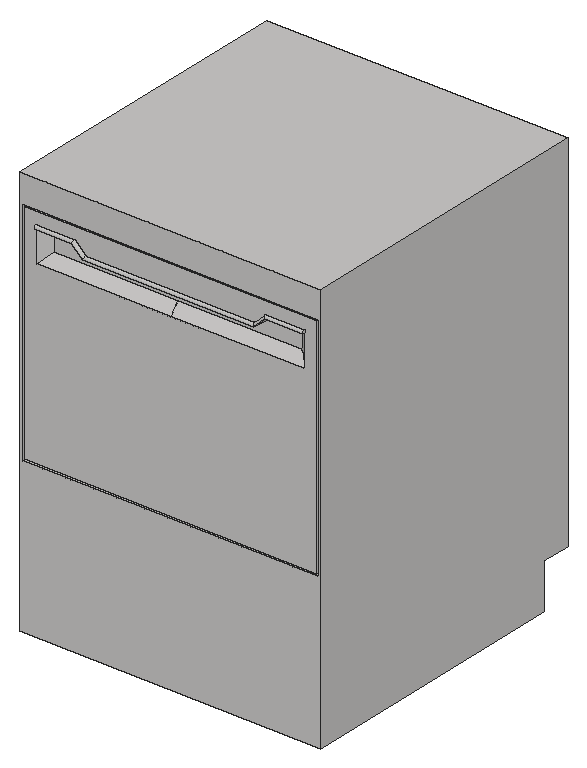
Revit family "QF_ELECTROLUXPROFESSIONAL_502705_ELAI3P6", category Specialty Equipment, Revit 2018
Family settings
  Round Connector Dimension = Use Diameter
  Part Type = Normal
  Work Plane-Based = No
  Always vertical = Yes
  Cut with Voids When Loaded = No
  Shared = No
  Room Calculation Point = No
Parameters
  Weight = 68.00 kg
  Watts = 0 W
  Volts = 0 V
  URL Manufacturer = ""
  URL = "http://professional.electrolux.com/"
  Steam Supply Size = 0 mm
  Steam Supply Minimum Pressure = 0.0 Pa
  Steam Supply Maximum Pressure = 0.0 Pa
  Steam Pounds per Hour = 0
  Show Logo [instance] = yes
  Show Clearance [instance] = yes
  Refrigeration Suction Line Size = 0 mm
  Refrigeration Liquid Line Size = 0 mm
  Refrigerant Compressor Remote = yes
  Manufacturer = ""
  Phase = 0
  Model = ""
  Length Actual = 600 mm  # constant formula
  Item Number = ""
  Hot Water Size = 0 mm
  Height Actual = 820 mm  # constant formula
  HP = "7.2 HP"
  Gas Size = 0 mm
  Gas KW = 0
  Gas Input Pressure = 0 W
  Direct Waste Size = 20.5 mm
  Description = ""
  Depth Actual = 615 mm  # constant formula
  Cycle = 0 Hz
  Condensate Return Size = 0 mm
  Compressed Air Volume = 0.0 L/s
  Compressed Air Size = 0 mm
  Compressed Air Pressure = 0.0 Pa
  Cold Water Size = 0 mm
  Accessory = yes
Types (2, lengths in mm): name | Volts | URL Manufacturer | URL | Manufacturer | Phase | Model | Item Number | Hot Water Size | Description | Cycle
  (no name) | 0 V | "" | "http://professional.electrolux.com/" | "" | 0 | "" | "" | 0 | "" | 0 Hz
  Standard | 400 V | "http://professional.electrolux.com" | "http://professional.electrolux.com" | "Electrolux Professional" | 3 | "ELAI3P6" | "502705" | 19.05 | "UNDERCOUNTER(L), WASH-SAFE, DOUBLE SKIN, 3PH, DP, 720D/H, 60Hz" | 60 Hz
Reference planes
  plane 1 "Center (Front/Back)": y = 0
  plane 2: z = 0
  plane 3 "Center (Left/Right)": x = 0
  plane 4 "LEFT": x = -300
  plane 5 "RIGHT": x = 300
  plane 6 "FRONT": y = -307.5
  plane 7 "BACK": y = 307.5
  plane 8: z = 830
  plane 9: z = 10
  plane 10: y = 268.5
Forms (mm)
  Extrusion 1, solid, material "QF_Finishes_Stainless Steel"
    sketch origin (0, 0, 0) x (1, 0, 0) y (0, 1, 0)
      loop
        line (-300, -307.5) -> (300, -307.5) -> (300, 249.5) -> (-300, 249.5) -> (-300, -307.5)
    from 10 to 830
  Extrusion 2, solid, material "QF_Finishes_Stainless Steel"
    sketch origin (0, 0, 0) x (1, 0, 0) y (0, 1, 0)
      loop
        line (-300, 249.5) -> (300, 249.5) -> (300, 307.5) -> (-300, 307.5) -> (-300, 249.5)
    from 100 to 830
  Extrusion 3, solid, material "QF_Finishes_Stainless Steel"
    sketch origin (0, 0, 0) x (1, 0, 0) y (0, 1, 0)
      loop
        circle (-254, 193.5) r 12.5
      loop
        circle (254, 193.5) r 12.5
      loop
        circle (-254, -237.5) r 12.5
      loop
        circle (254, -237.5) r 12.5
    from 0 to 10
  Extrusion 4, void
    sketch origin (-300, -307.5, 0) x (-1, 0, 0) y (0, 0, 1)
      loop
        line (-5, 773.217) -> (-595, 773.217) -> (-595, 315.188) -> (-5, 315.188) -> (-5, 773.217)
    from 0 to 30
  Extrusion 5, solid, material "QF_Finishes_Stainless Steel"
    sketch origin (-274, -411, 733) x (0, 0, -1) y (1, 0, 0)
      loop
        circle (693, 143) r 10
    from -660.5 to -718.5
  Extrusion 6, solid, material "QF_Door-Drawer Clearances", visible <- "Show Clearance", detail levels coarse
    sketch origin (-230, -282.5, 0) x (0, 1, 0) y (0, 0, -1)
      loop
        line (-25, -319.312) -> (-397, -319.312)
        arc (-397, -319.312) -> (-298.139, -616.581) -> (-25, -770) r 434.302
        line (-25, -770) -> (-25, -319.312)
    from 61.225 to -521.647
  Extrusion 7, solid, material "QF_Finishes_Stainless Steel"
    sketch origin (-331.481, -411, 703) x (0, 0, -1) y (1, 0, 0)
      loop
        circle (663, 252.481) r 8
    from -660.5 to -718.5
  Extrusion 8, solid, material "QF_Finishes_Stainless Steel"
    sketch origin (-230, -282.5, 0) x (0, 1, 0) y (0, 0, -1)
      loop
        line (-25, -319.312) -> (-25, -770) -> (0, -770) -> (0, -319.312) -> (-25, -319.312)
    from 61.225 to -521.647
  Extrusion 9, solid, material "QF_Finishes_Stainless Steel"
    sketch origin (-301, 942.75, 760.5) x (0, -1, 0) y (1, 0, 0)
      loop
        circle (663, 158) r 8
    from -660.5 to -670.5
  Blend 10, void
    base sketch origin (-230, -307.5, 770) x (0, 0, -1) y (1, 0, 0)
      loop
        line (93.563, -37.311) -> (93.563, 230) -> (93.563, 497.311) -> (28.563, 497.311) -> (28.563, 422.311) -> (49.776, 401.098) -> (49.776, 230) -> (49.776, 58.902) -> (28.563, 37.689) -> (28.563, -37.311) -> (93.563, -37.311)
    top sketch origin (-230, -307.5, 770) x (0, 0, -1) y (1, 0, 0)
      loop
        line (73.563, -17.311) -> (73.563, 230) -> (73.563, 477.311) -> (31.063, 477.311) -> (31.063, 422.311) -> (52.276, 401.098) -> (52.276, 58.902) -> (31.063, 37.689) -> (31.063, -17.311) -> (73.563, -17.311)
    from 0 to -19.433
  Sweep 11, solid, material "QF_Finishes_Stainless Steel"
    path origin (-230, -307.5, 770) x (0, 0, -1) y (1, 0, 0)
      loop
        line (28.563, -37.311) -> (28.563, 37.689) -> (49.776, 58.902) -> (49.776, 401.098) -> (28.563, 422.311) -> (28.563, 497.311)
    profile origin (-229.811, -307.5, 741.437) x (0, 0, 1) y (0, -1, 0)
      loop
        line (0, 0) -> (5, 0)
        arc (5, 0) -> (3.536, 3.536) -> (0, 5) r 5
        arc (0, 5) -> (-0.037, 0.962) -> (-0.394, -3.06) r 51.04
        line (-0.394, -3.06) -> (0, 0)
Cuts and joins
  Extrusion 4 cuts Extrusion 1
  joined: Extrusion 1, Extrusion 2
  Blend 10 cuts Extrusion 8
Lines and regions (mm)
  Split face 1
    outline origin (-300, -307.5, 830) x (0, 0, -1) y (1, 0, 0)
      loop
        line (56.783, 5) -> (56.783, 0)
      loop
        line (56.783, 595) -> (56.783, 600)
      loop
        line (37.034, 600) -> (37.034, 514.297)
        arc (37.034, 514.297) -> (37.64, 511.25) -> (39.366, 508.667) r 7.962
        line (39.366, 508.667) -> (44.289, 503.744)
        arc (44.289, 503.744) -> (46.135, 500.982) -> (46.783, 497.723) r 8.515
        line (46.783, 497.723) -> (46.783, 87.277)
        arc (46.783, 87.277) -> (46.135, 84.018) -> (44.289, 81.256) r 8.515
        line (44.289, 81.256) -> (39.366, 76.333)
        arc (39.366, 76.333) -> (37.64, 73.75) -> (37.034, 70.703) r 7.962
        line (37.034, 70.703) -> (37.034, 0)
  Split face 2
    outline origin (-300, -307.5, 830) x (0, 0, -1) y (1, 0, 0)
      loop
        line (13.15, 274.82) -> (37.034, 274.82) -> (37.034, 325.18) -> (13.15, 325.18) -> (13.15, 274.82)
  symbolic lines
    curve 1: line (-300, 307.5, 0) -> (300, 307.5, 0)
    curve 2: line (-300, -307.5, 0) -> (-300, 307.5, 0)
    curve 3: line (300, -307.5, 0) -> (-300, -307.5, 0)
    curve 4: line (300, 307.5, 0) -> (300, -307.5, 0)
  symbolic lines, style "QF_Door-Drawer Clearances"
    curve 5: line (-291.225, -679.5, 0) -> (291.647, -679.5, 0)
    curve 6: line (291.647, -679.5, 0) -> (291.647, -307.5, 0)
    curve 7: line (-291.225, -679.5, 0) -> (-291.225, -307.5, 0)
  symbolic lines, style "SpecialityEquipmentHiddenLines"
    curve 8: line (-300, 249.5, 0) -> (300, 249.5, 0)
Dimensions and locks
  equal spacing: plane 4 "LEFT", plane 3 "Center (Left/Right)", plane 5 "RIGHT"
  equal spacing: plane 7 "BACK", plane 1 "Center (Front/Back)", plane 6 "FRONT"
  plane 7 "BACK" to plane 6 "FRONT" = 615 mm
  plane 4 "LEFT" to plane 5 "RIGHT" = 600 mm
  locked: plane 9 to level at 10
  plane 4 "LEFT" to plane 3 "Center (Left/Right)" = 300 mm
  plane 8 to level = 830 mm  (x2)
  Extrusion 9 sketch curve to plane 4 "LEFT" = 157 mm
  level to Extrusion 5 sketch curve = 40 mm
  Extrusion 5 sketch curve to plane 4 "LEFT" = 169 mm
  Extrusion 7 sketch curve to plane 4 "LEFT" = 221 mm
  level to Extrusion 7 sketch curve = 40 mm
  Extrusion 3 to cut or joined group of Extrusion 1, Extrusion 2, Extrusion 4 = 114 mm
  Extrusion 3 to Extrusion 3 = 431 mm
  plane 6 "FRONT" to Extrusion 3 = 70 mm
  plane 1 "Center (Front/Back)" to plane 6 "FRONT" = 307.5 mm
  locked: plane 7 "BACK" to plane 10 at 39
  plane 7 "BACK" to curve 5 = 987 mm
  Extrusion 8 to cut or joined group of Extrusion 1, Extrusion 2, Extrusion 4 = 454.812 mm
  aligned and locked: level to plane 2
  aligned and locked: Extrusion 1 sketch curve to plane 6 "FRONT"
  aligned and locked: Extrusion 1 sketch curve to plane 4 "LEFT"
  aligned and locked: plane 5 "RIGHT" to Extrusion 1 sketch curve
  aligned and locked: Extrusion 1 to plane 9
  aligned and locked: Extrusion 2 sketch curve to Extrusion 1
  aligned and locked: plane 7 "BACK" to Extrusion 2 sketch curve
  aligned and locked: plane 5 "RIGHT" to Extrusion 2 sketch curve
  aligned and locked: plane 9 to Extrusion 3
Automatic sketch dimensions
  Extrusion 1 sketch curve to plane 10 = 19 mm
  Extrusion 2 sketch curve to plane 10 = 19 mm
  plane 4 "LEFT" to Extrusion 3 sketch curve = 46 mm  (x2)
  Extrusion 3 sketch curve to plane 5 "RIGHT" = 46 mm  (x2)
  plane 6 "FRONT" to Extrusion 3 sketch curve = 70 mm  (x2)
  Extrusion 3 sketch curve to plane 10 = 75 mm  (x2)
  Extrusion 4 sketch curve to Extrusion 1 = 5 mm  (x2)
  Extrusion 4 sketch curve to Extrusion 1 = 305.188 mm
  Extrusion 4 sketch curve to Extrusion 1 = 56.783 mm
  Extrusion 8 sketch curve to plane 6 "FRONT" = 0 mm
  Extrusion 8 sketch curve to Extrusion 8 sketch curve = 25 mm
  Extrusion 8 sketch curve to plane 8 = 60 mm
  plane 9 to Extrusion 8 sketch curve = 309.312 mm
  cut or joined group of Extrusion 1, Extrusion 2, Extrusion 4 to Split face 1 sketch curve = 0 mm  (x2)
  Split face 1 sketch curve to cut or joined group of Extrusion 1, Extrusion 2, Extrusion 4 = 0 mm  (x6)
  cut or joined group of Extrusion 1, Extrusion 2, Extrusion 4 to Split face 1 sketch curve = 10 mm
  Split face 1 sketch curve to Split face 1 sketch curve = 2.494 mm  (x2)
  Split face 1 sketch curve to Split face 1 sketch curve = 8.515 mm  (x2)
  cut or joined group of Extrusion 1, Extrusion 2, Extrusion 4 to Split face 1 sketch curve = 11.786 mm  (x2)
  Split face 1 sketch curve to Split face 1 sketch curve = 5.63 mm  (x2)
  Split face 1 sketch curve to Split face 1 sketch curve = 2.332 mm  (x2)
  Split face 1 sketch curve to cut or joined group of Extrusion 1, Extrusion 2, Extrusion 4 = 65.703 mm
  Split face 1 sketch curve to Split face 1 sketch curve = 4.923 mm  (x2)
  Split face 1 sketch curve to cut or joined group of Extrusion 1, Extrusion 2, Extrusion 4 = 97.277 mm
  Split face 2 sketch curve to cut or joined group of Extrusion 1, Extrusion 2, Extrusion 4 = 13.15 mm
  cut or joined group of Extrusion 1, Extrusion 2, Extrusion 4 to Split face 2 sketch curve = 19.749 mm
  Split face 2 sketch curve to cut or joined group of Extrusion 1, Extrusion 2, Extrusion 4 = 269.82 mm
  Split face 2 sketch curve to Split face 2 sketch curve = 50.359 mm
  curve 1 to plane 4 "LEFT" = 0 mm
  curve 7 to plane 6 "FRONT" = 0 mm
  curve 4 to plane 5 "RIGHT" = 0 mm
  curve 8 to plane 10 = 19 mm
  curve 2 to plane 7 "BACK" = 0 mm
  plane 4 "LEFT" to curve 5 = 8.775 mm
  curve 6 to plane 5 "RIGHT" = 8.353 mm
  Extrusion 6 sketch curve to plane 6 "FRONT" = 0 mm
  plane 6 "FRONT" to Extrusion 6 sketch curve = 61.803 mm
  plane 9 to Extrusion 6 sketch curve = 330.118 mm
  Extrusion 6 sketch curve to Extrusion 6 sketch curve = 20.806 mm
  Extrusion 6 sketch curve to plane 6 "FRONT" = 372 mm
  Blend 10 sketch curve to Extrusion 8 = 28.563 mm  (x2)
  Blend 10 sketch curve to Extrusion 8 = 49.776 mm
  Blend 10 sketch curve to Blend 10 sketch curve = 65 mm
  Extrusion 8 to Blend 10 sketch curve = 23.913 mm
  Blend 10 sketch curve to Blend 10 sketch curve = 75 mm  (x2)
  Blend 10 sketch curve to Blend 10 sketch curve = 21.213 mm  (x5)
  Blend 10 sketch curve to Blend 10 sketch curve = 171.098 mm  (x2)
  Blend 10 sketch curve to Blend 10 sketch curve = 0 mm
  Extrusion 8 to Blend 10 sketch curve = 120.549 mm
  Extrusion 8 to Blend 10 sketch curve = 99.335 mm
  Extrusion 8 to Blend 10 sketch curve = 43.913 mm
  Blend 10 sketch curve to Blend 10 sketch curve = 42.5 mm
  Extrusion 8 to Blend 10 sketch curve = 44.335 mm
  Blend 10 sketch curve to Blend 10 sketch curve = 55 mm  (x2)
  Blend 10 sketch curve to Extrusion 8 = 31.063 mm
  Extrusion 8 to Sweep 11 sketch curve = 98.913 mm
  Sweep 11 sketch curve to Sweep 11 sketch curve = 21.213 mm  (x4)
  Extrusion 8 to Sweep 11 sketch curve = 23.913 mm
  Sweep 11 sketch curve to Extrusion 8 = 28.563 mm
  Extrusion 8 to Sweep 11 sketch curve = 99.335 mm
  Extrusion 8 to Sweep 11 sketch curve = 24.335 mm
  profile plane to Sweep 11 sketch curve = 0 mm  (x2)
  Sweep 11 sketch curve to profile plane = 0 mm
  profile plane to Sweep 11 sketch curve = 3.452 mm
  Sweep 11 sketch curve to Sweep 11 sketch curve = 5 mm
  profile plane to Sweep 11 sketch curve = 0.394 mm
  Sweep 11 sketch curve to profile plane = 3.06 mm
  plane 10 to Extrusion 9 sketch curve = 11.25 mm
  radius of Extrusion 3 sketch curve = 12.5 mm  (x4)
  radius of Extrusion 5 sketch curve = 10 mm
  radius of Extrusion 7 sketch curve = 8 mm
  radius of Extrusion 9 sketch curve = 8 mm
Connectors
  piping at (-131, 307.5, 40), diameter 20
    settings: on Extrusion 5, index 1, connector inside diameter 609.6 mm, connector length 0 mm, flow factor 0, pipe flow 0.0 L/s, pressure drop 0.0 Pa, fitting loss kfactor 0, connector angle 0.00°, fixture units 0, engagement length 0 mm, angle of deflection 0.00°, flow configuration 1, flow direction 1, fitting loss method 0, system type 16, joint type 0, gender type 0, connector reference index -1, connector utility 0, adjustable connector no, is connector primary yes, connector description "Drain"
  piping at (-79, 307.5, 40), diameter 16
    settings: on Extrusion 7, index 3, connector inside diameter 609.6 mm, connector length 0 mm, flow factor 0, pipe flow 0.0 L/s, pressure drop 0.0 Pa, fitting loss kfactor 0, connector angle 0.00°, fixture units 0, engagement length 0 mm, angle of deflection 0.00°, flow configuration 1, flow direction 1, fitting loss method 0, system type 20, joint type 0, gender type 0, connector reference index -1, connector utility 0, adjustable connector no, is connector primary no, connector description "Cold Water Inlet"
  electrical at (-143, 279.75, 90), driven by "Volts"
    settings: on Extrusion 9, index 4, voltage 0 V, apparent load 0 VA, apparent load phase1 0 VA, apparent load phase2 0 VA, apparent load phase3 0 VA, power factor 1, load classification "Altro", number of poles 1, system type 31, power factor state 1, is connector primary yes, connector utility no, sub classification motor no, connector description "Electrical Connection"
